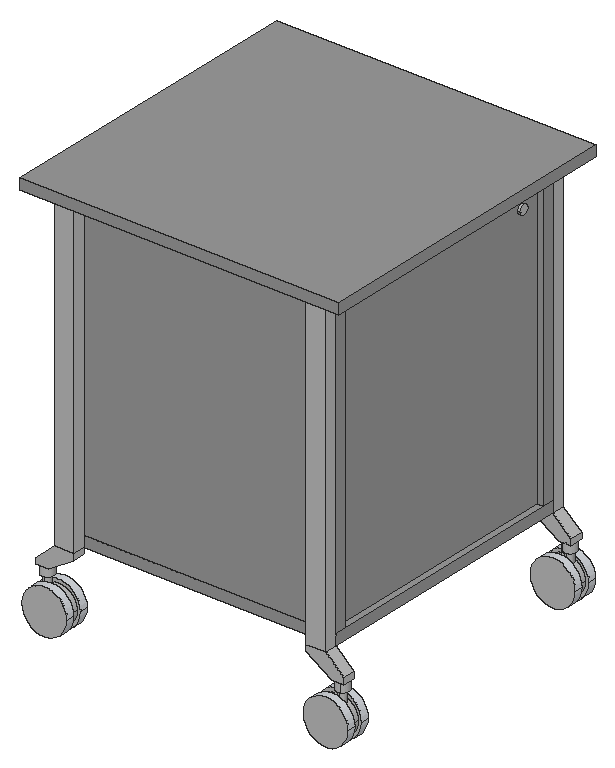
Revit family "Haworth_Planes_CartMedia_Small_AP_PRELIMINARY", category Furniture Systems, Revit 2019
Family settings
  Round Connector Dimension = Use Diameter
  Part Type = Normal
  OmniClass Number = 23.40.70.14.64.21.14
  OmniClass Title = Free-Standing Component
  Work Plane-Based = No
  Always vertical = Yes
  Cut with Voids When Loaded = No
  Shared = No
  Room Calculation Point = No
Parameters (values of type "Cart - Media Small")
  with Lock = yes
  Warranty = "http://www.haworth.com/resources/product-info/warranties"
  URL - Product = "https://www.haworth.com/ap/en/products/accessories/planes.html"
  Size = "Verify Final Dim. w/Haworth"  # constant formula
  Podium Top Finish [instance] = Haworth _ Laminate _ Undecided _ Storage
  Podium Leg Finish [instance] = Haworth _ Paint _ Metallic Champagne
  Podium Edge Finish [instance] = Haworth _ Laminate _ Undecided _ Storage
  URL = "https://www.haworth.com/ap/en.html"
  Model = "WOPLCBA"  # constant formula
  Manufacturer = "Haworth"  # constant formula
  Glides = not(Casters)  # no
  Description = "Haworth - Planes - Cart - Media Small"  # constant formula
  Casters = yes
  Caster Finish = Haworth _ Paint _ Metallic Champagne
  Cart Leg Finish [instance] = Haworth _ Paint _ Metallic Champagne
  Author = "Haworth (Hampton, Abd Rahman)"  # constant formula
  Assembly Code = "E2020200"
Reference planes
  plane 1 "Center F/B": y = 0
  plane 2: z = 0
  plane 3 "Center L/R": x = 0
  plane 4 "Center Left To Right": y = 0
  plane 5 "Center Front To Back": x = 0
  plane 6 "Right": y = -285.75
  plane 7 "Left": y = 285.75
  plane 8 "Back": x = -283.437
  plane 9 "Front": x = 283.437
  plane 10 "Top Top": z = 1168.4
  plane 11 "Top Bottom": z = 1138.237
  plane 12 "Angle Top": through (-281.939, -4572, 1039.847) normal (-0.309, 0, 0.9511)
  plane 13 "Angle Bottom": through (-281.939, -4572, 1009.685) normal (-0.309, 0, 0.9511)
  plane 14: y = 222.25
  plane 15: y = -222.25
  plane 16: y = 240.754
  plane 17: y = -240.754
  plane 18: x = -239.594
  plane 19: x = 243.006
  plane 20: x = -226.894
  plane 21: x = -207.844
  plane 22: z = 142.875
  plane 23: z = 162.052
  plane 24: z = 704.748
  plane 25: x = 135.056
  plane 26: x = 230.306
  plane 27: x = 116.006
  plane 28: x = 211.256
  plane 29: z = 685.698
Forms (mm)
  Revolve 1, solid, material "Haworth _ Paint _ Metallic Champagne" <- "Podium Leg Finish", visible <- "Glides"
    sketch origin (-549.796, -252.754, 0.074) x (-1, -0.000803, 0) y (0, 0, -1)
      loop
        line (-288.79, -87.312) -> (-277.678, -87.312) -> (-277.678, -8.331) -> (-263.39, -8.331) -> (-263.39, 0) -> (-288.79, 0) -> (-288.79, -87.312)
      axis (-288.79, -87.312) -> (-288.79, 0)
    angle from 0 to 360
  Extrusion 2, solid, material "Haworth _ Paint _ Metallic Champagne" <- "Podium Leg Finish"
    sketch origin (-526.806, -84.62, 0.074) x (0.469468, 0.88295, 0) y (-0.88295, 0.469468, 0)
      loop
        circle (-23.472, -313.517) r 11.112
    from 87.312 to 102.607
  Extrusion 3, solid, material "Haworth _ Paint _ Metallic Champagne" <- "Podium Leg Finish"
    sketch origin (-664.806, -263.962, 0) x (-1, 0, 0) y (0, 0, 1)
      loop
        line (-459.93, 142.875) -> (-459.93, 132.152) -> (-414.913, 102.681) -> (-392.688, 102.681) -> (-392.688, 112.841) -> (-425.108, 142.875) -> (-459.93, 142.875)
    from 0 to 22.544
  Revolve 4, solid, material "Haworth _ Paint _ Metallic Champagne" <- "Podium Leg Finish", visible <- "Glides"
    sketch origin (-549.796, 252.823, 0.074) x (-1, 0.000803, 0) y (0, 0, 1)
      loop
        line (-288.79, 87.312) -> (-288.79, 0) -> (-263.39, 0) -> (-263.39, 8.331) -> (-277.678, 8.331) -> (-277.678, 87.312) -> (-288.79, 87.312)
      axis (-288.79, 87.312) -> (-288.79, 0)
    angle from 0 to 360
  Extrusion 5, solid, material "Haworth _ Paint _ Metallic Champagne" <- "Podium Leg Finish"
    sketch origin (-526.806, 84.689, 0.074) x (0.469468, -0.88295, 0) y (0.88295, 0.469468, 0)
      loop
        circle (-23.472, 313.517) r 11.112
    from 87.312 to 102.607
  Extrusion 6, solid, material "Haworth _ Paint _ Metallic Champagne" <- "Podium Leg Finish"
    sketch origin (-664.806, 264.031, 0) x (-1, 0, 0) y (0, 0, -1)
      loop
        line (-459.93, -142.875) -> (-425.108, -142.875) -> (-392.688, -112.841) -> (-392.688, -102.681) -> (-414.913, -102.681) -> (-459.93, -132.152) -> (-459.93, -142.875)
    from 0 to 22.544
  Revolve 7, solid, material "Haworth _ Paint _ Metallic Champagne" <- "Podium Leg Finish", visible <- "Glides"
    sketch origin (552.971, -252.754, 0.074) x (1, -0.000803, 0) y (0, 0, 1)
      loop
        line (-288.79, 87.312) -> (-288.79, 0) -> (-263.39, 0) -> (-263.39, 8.331) -> (-277.678, 8.331) -> (-277.678, 87.312) -> (-288.79, 87.312)
      axis (-288.79, 87.312) -> (-288.79, 0)
    angle from 0 to 360
  Extrusion 8, solid, material "Haworth _ Paint _ Metallic Champagne" <- "Podium Leg Finish"
    sketch origin (529.981, -84.62, 0.074) x (-0.469468, 0.88295, 0) y (-0.88295, -0.469468, 0)
      loop
        circle (-23.472, 313.517) r 11.112
    from 87.312 to 102.607
  Extrusion 9, solid, material "Haworth _ Paint _ Metallic Champagne" <- "Podium Leg Finish"
    sketch origin (667.981, -263.962, 0) x (1, 0, 0) y (0, 0, -1)
      loop
        line (-460.108, -142.875) -> (-425.108, -142.875) -> (-392.688, -112.841) -> (-392.688, -102.681) -> (-414.913, -102.681) -> (-460.108, -132.269) -> (-460.108, -142.875)
    from 0 to 22.544
  Revolve 10, solid, material "Haworth _ Paint _ Metallic Champagne" <- "Podium Leg Finish", visible <- "Glides"
    sketch origin (552.971, 252.823, 0.074) x (1, 0.000803, 0) y (0, 0, -1)
      loop
        line (-288.79, -87.312) -> (-277.678, -87.312) -> (-277.678, -8.331) -> (-263.39, -8.331) -> (-263.39, 0) -> (-288.79, 0) -> (-288.79, -87.312)
      axis (-288.79, -87.312) -> (-288.79, 0)
    angle from 0 to 360
  Extrusion 11, solid, material "Haworth _ Paint _ Metallic Champagne" <- "Podium Leg Finish"
    sketch origin (529.981, 84.689, 0.074) x (-0.469468, -0.88295, 0) y (0.88295, -0.469468, 0)
      loop
        circle (-23.472, -313.517) r 11.112
    from 87.312 to 102.607
  Extrusion 12, solid, material "Haworth _ Paint _ Metallic Champagne" <- "Podium Leg Finish"
    sketch origin (667.981, 264.031, 0) x (1, 0, 0) y (0, 0, 1)
      loop
        line (-460.108, 142.875) -> (-460.108, 132.269) -> (-414.913, 102.681) -> (-392.688, 102.681) -> (-392.688, 112.841) -> (-425.108, 142.875) -> (-460.108, 142.875)
    from 0 to 22.544
  Extrusion 13, solid, material "Haworth _ Paint _ Metallic Champagne" <- "Podium Leg Finish"
    sketch origin (0, 0, 0) x (1, 0, 0) y (0, 1, 0)
      loop
        line (-239.698, -241.418) -> (-239.698, -263.962) -> (-204.876, -263.962) -> (-204.876, -241.418) -> (-239.698, -241.418)
    from 142.875 to 704.748
  Extrusion 14, solid, material "Haworth _ Paint _ Metallic Champagne" <- "Podium Leg Finish"
    sketch origin (447.75, 0, 0) x (1, 0, 0) y (0, 1, 0)
      loop
        line (-239.698, -241.418) -> (-239.698, -263.962) -> (-204.876, -263.962) -> (-204.876, -241.418) -> (-239.698, -241.418)
    from 142.875 to 704.748
  Extrusion 15, solid, material "Haworth _ Paint _ Metallic Champagne" <- "Podium Leg Finish"
    sketch origin (0, 0, 0) x (1, 0, 0) y (0, 1, 0)
      loop
        line (-239.698, 241.418) -> (-204.876, 241.418) -> (-204.876, 263.962) -> (-239.698, 263.962) -> (-239.698, 241.418)
    from 142.875 to 704.748
  Extrusion 16, solid, material "Haworth _ Paint _ Metallic Champagne" <- "Podium Leg Finish"
    sketch origin (447.75, 0, 0) x (1, 0, 0) y (0, 1, 0)
      loop
        line (-239.698, 241.418) -> (-204.876, 241.418) -> (-204.876, 263.962) -> (-239.698, 263.962) -> (-239.698, 241.418)
    from 142.875 to 704.748
  Extrusion 17, solid, material "Haworth _ Laminate _ Undecided _ Storage" <- "Podium Top Finish"
    sketch origin (0, 0, 0) x (1, 0, 0) y (0, 0, 1)
      loop
        line (-239.698, 162.052) -> (-239.698, 142.875) -> (242.873, 142.875) -> (242.873, 162.052) -> (-239.698, 162.052)
    from -240.754 to 240.754
  Extrusion 18, solid, material "Haworth _ Laminate _ Undecided _ Storage" <- "Podium Top Finish"
    sketch origin (0, 0, 0) x (1, 0, 0) y (0, 0, 1)
      loop
        line (-239.698, 162.052) -> (242.873, 162.052) -> (242.873, 704.748) -> (-239.698, 704.748) -> (-239.698, 162.052)
    from 222.25 to 240.754
  Extrusion 19, solid, material "Haworth _ Laminate _ Undecided _ Storage" <- "Podium Top Finish"
    sketch origin (0, 0, 0) x (1, 0, 0) y (0, 0, -1)
      loop
        line (-239.698, -162.052) -> (-239.698, -704.748) -> (242.873, -704.748) -> (242.873, -162.052) -> (-239.698, -162.052)
    from 222.25 to 240.754
  Extrusion 20, solid
    sketch origin (0, 0, 0) x (1, 0, 0) y (0, 0, 1)
      loop
        line (-226.894, 704.748) -> (-226.894, 162.052) -> (-207.844, 162.052) -> (-207.844, 704.748) -> (-226.894, 704.748)
    from -222.25 to 222.25
  Extrusion 21, solid, material "Haworth _ Laminate _ Undecided _ Storage" <- "Podium Top Finish"
    sketch origin (0, 0, 0) x (1, 0, 0) y (0, 0, 1)
      loop
        line (230.306, 704.748) -> (211.256, 704.748) -> (211.256, 162.052) -> (230.306, 162.052) -> (230.306, 704.748)
    from -222.25 to 222.25
  Extrusion 22, solid, material "Haworth _ Laminate _ Undecided _ Storage" <- "Podium Top Finish"
    sketch origin (0, 0, 19.05) x (1, 0, 0) y (0, 0, 1)
      loop
        line (-283.437, 704.748) -> (-283.437, 685.698) -> (283.437, 685.698) -> (283.437, 704.748) -> (-283.437, 704.748)
    from -285.75 to 285.75
  Extrusion 23, solid, material "Haworth _ Paint _ Metallic Champagne" <- "Caster Finish", visible <- "with Lock"
    sketch origin (0, 0, 0) x (0, 1, 0) y (0, 0, 1)
      loop
        circle (185.546, 648.539) r 8
    from 230.306 to 235.85
Lines and regions (mm)
  Masking region 1
    outline origin (0, 0, 0) x (1, 0, 0) y (0, 1, 0)
      loop
        line (-283.437, 285.75) -> (-283.437, -285.75) -> (283.437, -285.75) -> (283.437, 285.75) -> (-283.437, 285.75)
Dimensions and locks
  plane 6 "Right" to plane 7 "Left" = 571.5 mm
  equal spacing: plane 6 "Right", plane 4 "Center Left To Right", plane 7 "Left"
  equal spacing: plane 8 "Back", Extrusion 18 sketch curve, plane 3 "Center L/R"
  aligned and locked: plane 24 to Extrusion 21
  aligned and locked: plane 24 to Extrusion 18 sketch curve
  aligned and locked: plane 24 to Extrusion 19 sketch curve
  aligned and locked: plane 24 to Extrusion 16
  aligned and locked: Extrusion 15 to Extrusion 16
  aligned and locked: Extrusion 15 to Extrusion 14
  aligned and locked: Extrusion 13 to Extrusion 14
  aligned and locked: Extrusion 22 to plane 9 "Front"
  aligned and locked: Extrusion 22 to plane 7 "Left"
  aligned and locked: Extrusion 22 to plane 8 "Back"
  aligned and locked: plane 6 "Right" to Extrusion 22
Automatic sketch dimensions
  Revolve 1 sketch curve to plane 22 = 55.708 mm
  Revolve 1 sketch curve to Revolve 1 sketch curve = 0 mm
  Revolve 1 sketch curve to Revolve 1 sketch curve = 11.112 mm
  level to Revolve 1 sketch curve = 0.074 mm
  Revolve 1 sketch curve to Revolve 1 sketch curve = 14.287 mm
  Revolve 1 sketch curve to Revolve 1 sketch curve = 0.22 mm
  level to Revolve 1 sketch curve = 8.406 mm
  Revolve 1 sketch curve to level = 27.133 mm
  Extrusion 2 sketch curve to plane 17 = 11.777 mm
  Extrusion 2 sketch curve to plane 18 = 21.411 mm
  Extrusion 3 sketch curve to plane 22 = 0 mm
  Extrusion 3 sketch curve to plane 21 = 2.968 mm
  Extrusion 3 sketch curve to plane 18 = 0.104 mm
  Extrusion 3 sketch curve to plane 18 = 10.299 mm
  plane 8 "Back" to Extrusion 3 sketch curve = 11.319 mm
  Extrusion 3 sketch curve to plane 22 = 10.723 mm
  Extrusion 3 sketch curve to plane 22 = 30.034 mm
  Extrusion 3 sketch curve to Extrusion 3 sketch curve = 10.16 mm
  Revolve 4 sketch curve to plane 22 = 55.708 mm
  Revolve 4 sketch curve to Revolve 4 sketch curve = 0 mm
  Revolve 4 sketch curve to Revolve 4 sketch curve = 11.112 mm
  level to Revolve 4 sketch curve = 0.074 mm
  Revolve 4 sketch curve to Revolve 4 sketch curve = 14.287 mm
  Revolve 4 sketch curve to level = 27.133 mm
  level to Revolve 4 sketch curve = 8.406 mm
  Revolve 4 sketch curve to Revolve 4 sketch curve = 0.22 mm
  Extrusion 5 sketch curve to plane 16 = 11.845 mm
  Extrusion 5 sketch curve to plane 18 = 21.411 mm
  Extrusion 6 sketch curve to plane 22 = 0 mm
  Extrusion 6 sketch curve to plane 21 = 2.968 mm
  Extrusion 6 sketch curve to plane 18 = 0.104 mm
  Extrusion 6 sketch curve to plane 18 = 10.299 mm
  plane 8 "Back" to Extrusion 6 sketch curve = 11.319 mm
  Extrusion 6 sketch curve to plane 22 = 10.723 mm
  Extrusion 6 sketch curve to plane 22 = 30.034 mm
  Extrusion 6 sketch curve to Extrusion 6 sketch curve = 10.16 mm
  Revolve 7 sketch curve to plane 22 = 55.708 mm
  Revolve 7 sketch curve to Revolve 7 sketch curve = 0 mm
  Revolve 7 sketch curve to Revolve 7 sketch curve = 11.112 mm
  level to Revolve 7 sketch curve = 0.074 mm
  Revolve 7 sketch curve to Revolve 7 sketch curve = 14.287 mm
  Revolve 7 sketch curve to level = 27.133 mm
  level to Revolve 7 sketch curve = 8.406 mm
  Revolve 7 sketch curve to Revolve 7 sketch curve = 0.22 mm
  Extrusion 8 sketch curve to plane 17 = 11.777 mm
  plane 9 "Front" to Extrusion 8 sketch curve = 19.257 mm
  Extrusion 9 sketch curve to plane 22 = 0 mm
  plane 26 to Extrusion 9 sketch curve = 22.432 mm
  plane 19 to Extrusion 9 sketch curve = 0.132 mm
  Extrusion 9 sketch curve to plane 19 = 10.063 mm
  plane 9 "Front" to Extrusion 9 sketch curve = 8.144 mm
  Extrusion 9 sketch curve to plane 22 = 10.606 mm
  Extrusion 9 sketch curve to plane 22 = 30.034 mm
  Extrusion 9 sketch curve to Extrusion 9 sketch curve = 10.16 mm
  Revolve 10 sketch curve to plane 22 = 55.708 mm
  Revolve 10 sketch curve to Revolve 10 sketch curve = 0 mm
  Revolve 10 sketch curve to Revolve 10 sketch curve = 11.112 mm
  level to Revolve 10 sketch curve = 0.074 mm
  Revolve 10 sketch curve to Revolve 10 sketch curve = 14.287 mm
  Revolve 10 sketch curve to Revolve 10 sketch curve = 0.22 mm
  level to Revolve 10 sketch curve = 8.406 mm
  Revolve 10 sketch curve to level = 27.133 mm
  Extrusion 11 sketch curve to plane 16 = 11.845 mm
  plane 9 "Front" to Extrusion 11 sketch curve = 19.257 mm
  Extrusion 12 sketch curve to plane 22 = 0 mm
  plane 26 to Extrusion 12 sketch curve = 22.432 mm
  plane 19 to Extrusion 12 sketch curve = 0.132 mm
  Extrusion 12 sketch curve to plane 19 = 10.063 mm
  plane 9 "Front" to Extrusion 12 sketch curve = 8.144 mm
  Extrusion 12 sketch curve to plane 22 = 10.606 mm
  Extrusion 12 sketch curve to plane 22 = 30.034 mm
  Extrusion 12 sketch curve to Extrusion 12 sketch curve = 10.16 mm
  Extrusion 13 sketch curve to plane 18 = 0.104 mm
  Extrusion 13 sketch curve to plane 17 = 0.664 mm
  Extrusion 13 sketch curve to plane 21 = 2.968 mm
  Extrusion 13 sketch curve to plane 6 "Right" = 21.788 mm
  plane 26 to Extrusion 14 sketch curve = 22.254 mm
  plane 19 to Extrusion 14 sketch curve = 0.132 mm
  Extrusion 14 sketch curve to plane 6 "Right" = 21.788 mm
  Extrusion 14 sketch curve to plane 17 = 0.664 mm
  plane 18 to Extrusion 15 sketch curve = 0.104 mm
  plane 16 to Extrusion 15 sketch curve = 0.664 mm
  plane 21 to Extrusion 15 sketch curve = 2.968 mm
  Extrusion 15 sketch curve to plane 7 "Left" = 21.788 mm
  Extrusion 16 sketch curve to plane 26 = 22.254 mm
  Extrusion 16 sketch curve to plane 19 = 0.132 mm
  Extrusion 16 sketch curve to plane 7 "Left" = 21.788 mm
  plane 16 to Extrusion 16 sketch curve = 0.664 mm
  Extrusion 17 sketch curve to plane 22 = 0 mm
  Extrusion 17 sketch curve to plane 23 = 0 mm
  Extrusion 17 sketch curve to plane 18 = 0.104 mm
  plane 19 to Extrusion 17 sketch curve = 0.132 mm
  plane 20 to Extrusion 20 sketch curve = 0 mm
  plane 21 to Extrusion 20 sketch curve = 0 mm
  Extrusion 20 sketch curve to plane 23 = 0 mm
  Extrusion 20 sketch curve to plane 24 = 0 mm
  Extrusion 21 sketch curve to plane 11 "Top Bottom" = 433.49 mm
  plane 28 to Extrusion 21 sketch curve = 0 mm
  Extrusion 21 sketch curve to plane 23 = 0 mm
  plane 26 to Extrusion 21 sketch curve = 0 mm
  plane 21 to Extrusion 22 sketch curve = 75.593 mm
  plane 25 to Extrusion 22 sketch curve = 148.382 mm
  plane 29 to Extrusion 22 sketch curve = 19.05 mm
  plane 24 to Extrusion 22 sketch curve = 19.05 mm
  plane 7 "Left" to Masking region 1 sketch curve = 0 mm
  Masking region 1 sketch curve to plane 8 "Back" = 0 mm
  Masking region 1 sketch curve to plane 9 "Front" = 0 mm
  plane 6 "Right" to Masking region 1 sketch curve = 0 mm
  Extrusion 18 sketch curve to plane 23 = 0 mm
  Extrusion 18 sketch curve to plane 18 = 0.104 mm
  plane 19 to Extrusion 18 sketch curve = 0.132 mm
  Extrusion 19 sketch curve to plane 23 = 0 mm
  Extrusion 19 sketch curve to plane 18 = 0.104 mm
  plane 19 to Extrusion 19 sketch curve = 0.132 mm
  plane 14 to Extrusion 23 sketch curve = 36.704 mm
  Extrusion 23 sketch curve to plane 29 = 37.158 mm
  radius of Extrusion 2 sketch curve = 11.112 mm
  radius of Extrusion 5 sketch curve = 11.112 mm
  radius of Extrusion 8 sketch curve = 11.112 mm
  radius of Extrusion 11 sketch curve = 11.112 mm
  radius of Extrusion 23 sketch curve = 8 mm
Nested families
  nested 1: "Haworth_3in Caster" at (-260.822, -252.531, 0.074) x (0, 1, 0) z (0, 0, 1), visible <- "Casters", type "Haworth_3in Caster"
  nested 2: "Haworth_3in Caster" at (-260.822, 252.6, 0.074) x (0, -1, 0) z (0, 0, 1), visible <- "Casters", type "Haworth_3in Caster"
  nested 3: "Haworth_3in Caster" at (263.997, -252.531, 0.074) x (0, 1, 0) z (0, 0, 1), visible <- "Casters", type "Haworth_3in Caster"
  nested 4: "Haworth_3in Caster" at (263.997, 252.6, 0.074) x (0, -1, 0) z (0, 0, 1), visible <- "Casters", type "Haworth_3in Caster"
Definition of nested family "Haworth_3in Caster"
  Parameters
    Glides = yes
    Caster Finish = none
    Cart Leg Finish = none
    Assembly Code = ""
  Reference planes
    plane 1 "Center (Front/Back)": y = 0
    plane 2: z = 0
    plane 3 "Center (Left/Right)": x = 0
  Forms (mm)
    Extrusion 1, solid
      sketch origin (0, 0, -0.538) x (0, 1, 0) y (0, 0, 1)
        loop
          circle (-12.369, 40.225) r 39.688
      from 22.225 to 7.938
    Extrusion 2, solid
      sketch origin (0, 0, -0.538) x (0, 1, 0) y (0, 0, 1)
        loop
          circle (-12.369, 40.225) r 39.688
      from -22.225 to -7.938
    Extrusion 3, solid
      sketch origin (0, 0, 0) x (0, 1, 0) y (0, 0, 1)
        loop
          circle (-12.369, 39.687) r 33.338
      from -7.938 to 7.938
    Extrusion 4, solid
      sketch origin (0, 0, 0) x (1, 0, 0) y (0, 1, 0)
        loop
          circle (0, 0) r 6.35
      from 61.913 to 87.313
  Cuts and joins
    joined: Extrusion 3, Extrusion 4
  Dimensions and locks
    plane 3 "Center (Left/Right)" to Extrusion 2 = 7.938 mm
    Extrusion 1 to plane 3 "Center (Left/Right)" = 22.225 mm
